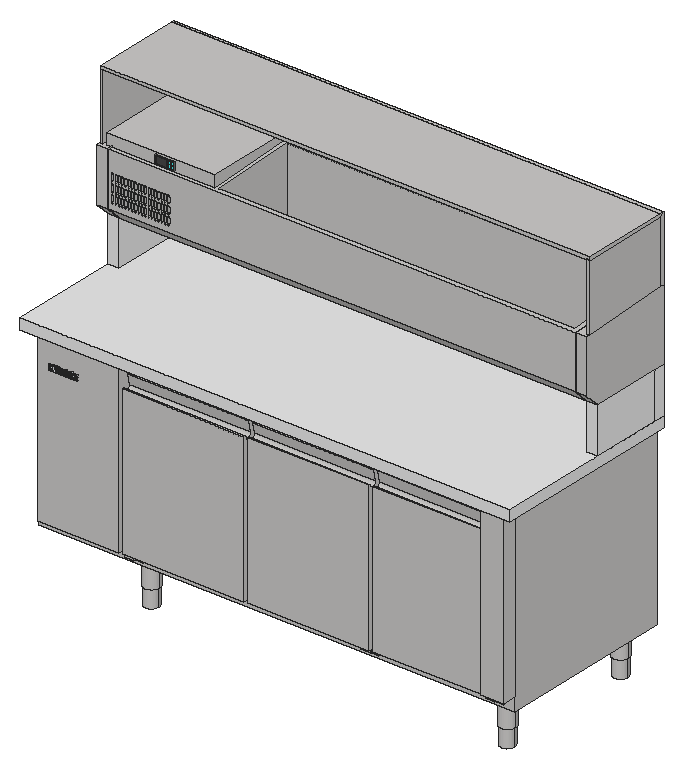
Revit family "QF_ELECTROLUXPROFESSIONAL_725190_RCSH3D", category Attrezzature speciali, Revit 2021
Family settings
  Quota connettore circolare = Usa diametro
  Tipo di parte = Normale
  Basato su piano di lavoro = No
  Sempre verticale = Sì
  Taglio con vuoti quando caricato = No
  Condiviso = No
  Punto di calcolo locali = No
Parameters (values of type "Standard")
  Weight = 290.00 kg
  Watts = 420 W
  Volts = 220 V
  URL Manufacturer = "https://www.electroluxprofessional.com/"
  URL = "https://www.electroluxprofessional.com/"
  Steam Supply Size = 0 mm
  Steam Supply Minimum Pressure = 0.0 Pa
  Steam Supply Maximum Pressure = 0.0 Pa
  Steam Consumption per Hour = 0
  Refrigeration Suction Line Size = 0 mm
  Refrigeration Liquid Line Size = 0 mm
  Refrigerant Compressor Remote = yes
  Prospetto di default = 0 mm
  Produttore = "Electrolux Professional"
  Phase = 1
  Modello = "RCSH3D"
  Length Actual = 1780 mm  # constant formula
  Item Number = "725190"
  Hot Water Size = 0 mm
  Height Actual = 1502 mm  # constant formula
  HP = "0.6 HP"
  Gas Size = 0 mm
  Gas KW = 0
  Gas Input Pressure = 0 W
  Direct Waste Size = 0 mm
  Descrizione = "REFRIGERATED COUNTER+SHOW CASE 3 DOORS"
  Depth Actual = 700 mm  # constant formula
  Cycle = 50 Hz
  Condensate Return Size = 0 mm
  Compressed Air Volume = 0.0 L/s
  Compressed Air Size = 0 mm
  Compressed Air Pressure = 0.0 Pa
  Cold Water Size = 0 mm
  Accessory = yes
Reference planes
  plane 1: z = 0
  plane 2 "Center (Left/Right)": x = -86
  plane 3 "Center (Front/Back)": y = 64.5
  plane 4 "BACK": y = 414.5
  plane 5 "FRONT": y = -285.5
  plane 6 "LEFT": x = -976
  plane 7 "RIGHT": x = 804
  plane 8 "FEET": z = 150
  plane 9 "TOP": z = 840
  plane 10 "PLAIN": z = 800
  plane 11 "EI_back": y = 124.5
  plane 12 "EI_left": x = -892
  plane 13 "BorderBack": y = 412
  plane 14 "BorderFront": y = -283
  plane 15 "DOOR": y = -230.5
  plane 16 "BorderLeft": x = -953
  plane 17 "BorderRight": x = 781
  plane 18: x = -913
  plane 19: x = 696
  plane 20: z = 1005
  plane 21: z = 1502
  plane 22: y = 79.5
  plane 23: z = 1266
  plane 24: z = 1216
  plane 25: x = -580
  plane 26: x = 715
  plane 27: y = 331
  plane 28: y = -183
  plane 29 "DrainY": y = -26
  plane 30 "EIz": z = 1020.844
  plane 31 "DrainX": x = 67
Forms (mm)
  Extrusion 1, solid, material "QF_Finishes_Stainless Steel"
    sketch origin (-1022.223, -1524, 150) x (-1, 0, 0) y (0, -1, 0)
      loop
        circle (-130.223, -1648.5) r 5
    from 870 to 865.223
  Extrusion 2, solid, material "QF_Finishes_Stainless Steel"
    sketch origin (-1022.223, -1524, 150) x (-1, 0, 0) y (0, -1, 0)
      loop
        line (-1718.223, -1293.5) -> (-1718.223, -1241) -> (-1803.223, -1241) -> (-1803.223, -1293.5) -> (-1718.223, -1293.5)
    from 48 to 650
  Extrusion 3, solid, material "QF_Finishes_Stainless Steel"
    sketch origin (-1022.223, -1524, 150) x (-1, 0, 0) y (0, -1, 0)
      loop
        line (-69.223, -1936) -> (-69.223, -1293.5) -> (-1803.223, -1293.5) -> (-1803.223, -1936) -> (-69.223, -1936)
    from 0 to 650
  Extrusion 4, solid, material "QF_Finished_Stone"
    sketch origin (-86, 0, 0) x (0, 1, 0) y (0, 0, 1)
      loop
        line (414.5, 800) -> (414.5, 840) -> (-285.5, 840) -> (-285.5, 800) -> (414.5, 800)
    from -890 to 890
  Extrusion 5, solid, material "QF_Finished_Stone"
    sketch origin (-86, 0, 0) x (0, 1, 0) y (0, 0, 1)
      loop
        line (414.5, 1005) -> (374.5, 1005) -> (374.5, 840) -> (414.5, 840) -> (414.5, 1005)
    from -890 to 890
  Extrusion 6, solid, material "QF_Finished_Stone"
    sketch origin (-976, 0, 0) x (0, 1, 0) y (0, 0, 1)
      loop
        line (374.5, 840) -> (374.5, 1005) -> (114.5, 1005) -> (114.5, 840) -> (374.5, 840)
    from 0 to 40
  Extrusion 7, solid, material "QF_Finished_Stone"
    sketch origin (804, 0, 0) x (0, 1, 0) y (0, 0, 1)
      loop
        line (374.5, 840) -> (374.5, 1005) -> (114.5, 1005) -> (114.5, 840) -> (374.5, 840)
    from 0 to -40
  Extrusion 8, solid, material "QF_Finishes_Stainless Steel"
    sketch origin (-976, 0, 0) x (0, 1, 0) y (0, 0, 1)
      loop
        line (414.5, 1005) -> (414.5, 1267.476) -> (64.5, 1249.81) -> (64.5, 1055) -> (114.5, 1005) -> (414.5, 1005)
    from 0 to 40
  Extrusion 9, solid, material "QF_Finishes_Stainless Steel"
    sketch origin (804, 0, 0) x (0, 1, 0) y (0, 0, 1)
      loop
        line (414.5, 1005) -> (414.5, 1267.476) -> (64.5, 1249.81) -> (64.5, 1055) -> (114.5, 1005) -> (414.5, 1005)
    from 0 to -40
  Extrusion 10, solid, material "QF_Finishes_Stainless Steel"
    sketch origin (-86, 0, 0) x (0, 1, 0) y (0, 0, 1)
      loop
        line (414.5, 1266.476) -> (414.5, 1502) -> (404.5, 1502) -> (404.5, 1266) -> (414.5, 1266.476)
    from 890 to -890
  Extrusion 11, solid, material "QF_Finishes_Stainless Steel"
    sketch origin (-86, 0, 0) x (0, 1, 0) y (0, 0, 1)
      loop
        line (414.5, 1502) -> (79.5, 1502) -> (79.5, 1492) -> (414.5, 1492) -> (414.5, 1502)
    from 890 to -890
  Extrusion 12, solid, material "QF_Finishes_Stainless Steel"
    sketch origin (-976, 0, 0) x (0, 1, 0) y (0, 0, 1)
      loop
        line (404.5, 1492) -> (79.5, 1492) -> (79.5, 1250.524) -> (404.5, 1266) -> (404.5, 1492)
    from 0 to 10
  Extrusion 13, solid, material "QF_Finishes_Stainless Steel"
    sketch origin (804, 0, 0) x (0, 1, 0) y (0, 0, 1)
      loop
        line (404.5, 1492) -> (79.5, 1492) -> (79.5, 1250.524) -> (404.5, 1266) -> (404.5, 1492)
    from 0 to -10
  Extrusion 14, solid, material "QF_Finishes_Stainless Steel"
    sketch origin (-976, 0, 0) x (0, 1, 0) y (0, 0, 1)
      loop
        line (414.5, 1005) -> (414.5, 1266.476) -> (64.5, 1249.81) -> (64.5, 1055) -> (114.5, 1005) -> (414.5, 1005)
    from 1740 to 40
  Extrusion 15, void
    sketch origin (-86, 0, 0) x (0, 1, 0) y (0, 0, 1)
      loop
        line (79.5, 1061.213) -> (120.713, 1020) -> (389.5, 1020) -> (389.5, 1265.286) -> (79.5, 1250.524) -> (79.5, 1061.213)
    from -460 to 835
  Extrusion 16, solid, material "QF_Finishes_Stainless Steel"
    sketch origin (-86, 0, 24.524) x (0, 1, 0) y (0, 0, 1)
      loop
        line (404.5, 1266) -> (79.5, 1266) -> (79.5, 1226) -> (404.5, 1241.476) -> (404.5, 1266)
    from -867 to -474.474
  Extrusion 17, void
    sketch origin (0, 64.5, 0) x (-1, 0, 0) y (0, 0, 1)
      loop
        arc (909.824, 1174.456) -> (905.824, 1178.456) -> (901.824, 1174.456) r 4
        line (901.824, 1174.456) -> (901.824, 1152.456)
        arc (901.824, 1152.456) -> (905.824, 1148.456) -> (909.824, 1152.456) r 4
        line (909.824, 1152.456) -> (909.824, 1174.456)
      loop
        arc (909.824, 1104.456) -> (905.824, 1108.456) -> (901.824, 1104.456) r 4
        line (901.824, 1104.456) -> (901.824, 1082.456)
        arc (901.824, 1082.456) -> (905.824, 1078.456) -> (909.824, 1082.456) r 4
        line (909.824, 1082.456) -> (909.824, 1104.456)
      loop
        arc (909.824, 1139.456) -> (905.824, 1143.456) -> (901.824, 1139.456) r 4
        line (901.824, 1139.456) -> (901.824, 1117.456)
        arc (901.824, 1117.456) -> (905.824, 1113.456) -> (909.824, 1117.456) r 4
        line (909.824, 1117.456) -> (909.824, 1139.456)
      loop
        arc (921.824, 1174.456) -> (917.824, 1178.456) -> (913.824, 1174.456) r 4
        line (913.824, 1174.456) -> (913.824, 1152.456)
        arc (913.824, 1152.456) -> (917.824, 1148.456) -> (921.824, 1152.456) r 4
        line (921.824, 1152.456) -> (921.824, 1174.456)
      loop
        arc (921.824, 1104.456) -> (917.824, 1108.456) -> (913.824, 1104.456) r 4
        line (913.824, 1104.456) -> (913.824, 1082.456)
        arc (913.824, 1082.456) -> (917.824, 1078.456) -> (921.824, 1082.456) r 4
        line (921.824, 1082.456) -> (921.824, 1104.456)
      loop
        arc (921.824, 1139.456) -> (917.824, 1143.456) -> (913.824, 1139.456) r 4
        line (913.824, 1139.456) -> (913.824, 1117.456)
        arc (913.824, 1117.456) -> (917.824, 1113.456) -> (921.824, 1117.456) r 4
        line (921.824, 1117.456) -> (921.824, 1139.456)
      loop
        arc (897.824, 1174.456) -> (893.824, 1178.456) -> (889.824, 1174.456) r 4
        line (889.824, 1174.456) -> (889.824, 1152.456)
        arc (889.824, 1152.456) -> (893.824, 1148.456) -> (897.824, 1152.456) r 4
        line (897.824, 1152.456) -> (897.824, 1174.456)
      loop
        arc (897.824, 1104.456) -> (893.824, 1108.456) -> (889.824, 1104.456) r 4
        line (889.824, 1104.456) -> (889.824, 1082.456)
        arc (889.824, 1082.456) -> (893.824, 1078.456) -> (897.824, 1082.456) r 4
        line (897.824, 1082.456) -> (897.824, 1104.456)
      loop
        arc (897.824, 1139.456) -> (893.824, 1143.456) -> (889.824, 1139.456) r 4
        line (889.824, 1139.456) -> (889.824, 1117.456)
        arc (889.824, 1117.456) -> (893.824, 1113.456) -> (897.824, 1117.456) r 4
        line (897.824, 1117.456) -> (897.824, 1139.456)
      loop
        arc (873.824, 1174.456) -> (869.824, 1178.456) -> (865.824, 1174.456) r 4
        line (865.824, 1174.456) -> (865.824, 1152.456)
        arc (865.824, 1152.456) -> (869.824, 1148.456) -> (873.824, 1152.456) r 4
        line (873.824, 1152.456) -> (873.824, 1174.456)
      loop
        arc (873.824, 1104.456) -> (869.824, 1108.456) -> (865.824, 1104.456) r 4
        line (865.824, 1104.456) -> (865.824, 1082.456)
        arc (865.824, 1082.456) -> (869.824, 1078.456) -> (873.824, 1082.456) r 4
        line (873.824, 1082.456) -> (873.824, 1104.456)
      loop
        arc (873.824, 1139.456) -> (869.824, 1143.456) -> (865.824, 1139.456) r 4
        line (865.824, 1139.456) -> (865.824, 1117.456)
        arc (865.824, 1117.456) -> (869.824, 1113.456) -> (873.824, 1117.456) r 4
        line (873.824, 1117.456) -> (873.824, 1139.456)
      loop
        arc (885.824, 1174.456) -> (881.824, 1178.456) -> (877.824, 1174.456) r 4
        line (877.824, 1174.456) -> (877.824, 1152.456)
        arc (877.824, 1152.456) -> (881.824, 1148.456) -> (885.824, 1152.456) r 4
        line (885.824, 1152.456) -> (885.824, 1174.456)
      loop
        arc (885.824, 1104.456) -> (881.824, 1108.456) -> (877.824, 1104.456) r 4
        line (877.824, 1104.456) -> (877.824, 1082.456)
        arc (877.824, 1082.456) -> (881.824, 1078.456) -> (885.824, 1082.456) r 4
        line (885.824, 1082.456) -> (885.824, 1104.456)
      loop
        arc (885.824, 1139.456) -> (881.824, 1143.456) -> (877.824, 1139.456) r 4
        line (877.824, 1139.456) -> (877.824, 1117.456)
        arc (877.824, 1117.456) -> (881.824, 1113.456) -> (885.824, 1117.456) r 4
        line (885.824, 1117.456) -> (885.824, 1139.456)
      loop
        arc (861.824, 1174.456) -> (857.824, 1178.456) -> (853.824, 1174.456) r 4
        line (853.824, 1174.456) -> (853.824, 1152.456)
        arc (853.824, 1152.456) -> (857.824, 1148.456) -> (861.824, 1152.456) r 4
        line (861.824, 1152.456) -> (861.824, 1174.456)
      loop
        arc (861.824, 1104.456) -> (857.824, 1108.456) -> (853.824, 1104.456) r 4
        line (853.824, 1104.456) -> (853.824, 1082.456)
        arc (853.824, 1082.456) -> (857.824, 1078.456) -> (861.824, 1082.456) r 4
        line (861.824, 1082.456) -> (861.824, 1104.456)
      loop
        arc (861.824, 1139.456) -> (857.824, 1143.456) -> (853.824, 1139.456) r 4
        line (853.824, 1139.456) -> (853.824, 1117.456)
        arc (853.824, 1117.456) -> (857.824, 1113.456) -> (861.824, 1117.456) r 4
        line (861.824, 1117.456) -> (861.824, 1139.456)
      loop
        arc (837.824, 1174.456) -> (833.824, 1178.456) -> (829.824, 1174.456) r 4
        line (829.824, 1174.456) -> (829.824, 1152.456)
        arc (829.824, 1152.456) -> (833.824, 1148.456) -> (837.824, 1152.456) r 4
        line (837.824, 1152.456) -> (837.824, 1174.456)
      loop
        arc (837.824, 1104.456) -> (833.824, 1108.456) -> (829.824, 1104.456) r 4
        line (829.824, 1104.456) -> (829.824, 1082.456)
        arc (829.824, 1082.456) -> (833.824, 1078.456) -> (837.824, 1082.456) r 4
        line (837.824, 1082.456) -> (837.824, 1104.456)
      loop
        arc (837.824, 1139.456) -> (833.824, 1143.456) -> (829.824, 1139.456) r 4
        line (829.824, 1139.456) -> (829.824, 1117.456)
        arc (829.824, 1117.456) -> (833.824, 1113.456) -> (837.824, 1117.456) r 4
        line (837.824, 1117.456) -> (837.824, 1139.456)
      loop
        arc (849.824, 1174.456) -> (845.824, 1178.456) -> (841.824, 1174.456) r 4
        line (841.824, 1174.456) -> (841.824, 1152.456)
        arc (841.824, 1152.456) -> (845.824, 1148.456) -> (849.824, 1152.456) r 4
        line (849.824, 1152.456) -> (849.824, 1174.456)
      loop
        arc (849.824, 1104.456) -> (845.824, 1108.456) -> (841.824, 1104.456) r 4
        line (841.824, 1104.456) -> (841.824, 1082.456)
        arc (841.824, 1082.456) -> (845.824, 1078.456) -> (849.824, 1082.456) r 4
        line (849.824, 1082.456) -> (849.824, 1104.456)
      loop
        arc (849.824, 1139.456) -> (845.824, 1143.456) -> (841.824, 1139.456) r 4
        line (841.824, 1139.456) -> (841.824, 1117.456)
        arc (841.824, 1117.456) -> (845.824, 1113.456) -> (849.824, 1117.456) r 4
        line (849.824, 1117.456) -> (849.824, 1139.456)
      loop
        arc (825.824, 1174.456) -> (821.824, 1178.456) -> (817.824, 1174.456) r 4
        line (817.824, 1174.456) -> (817.824, 1152.456)
        arc (817.824, 1152.456) -> (821.824, 1148.456) -> (825.824, 1152.456) r 4
        line (825.824, 1152.456) -> (825.824, 1174.456)
      loop
        arc (825.824, 1104.456) -> (821.824, 1108.456) -> (817.824, 1104.456) r 4
        line (817.824, 1104.456) -> (817.824, 1082.456)
        arc (817.824, 1082.456) -> (821.824, 1078.456) -> (825.824, 1082.456) r 4
        line (825.824, 1082.456) -> (825.824, 1104.456)
      loop
        arc (825.824, 1139.456) -> (821.824, 1143.456) -> (817.824, 1139.456) r 4
        line (817.824, 1139.456) -> (817.824, 1117.456)
        arc (817.824, 1117.456) -> (821.824, 1113.456) -> (825.824, 1117.456) r 4
        line (825.824, 1117.456) -> (825.824, 1139.456)
      loop
        arc (801.824, 1174.456) -> (797.824, 1178.456) -> (793.824, 1174.456) r 4
        line (793.824, 1174.456) -> (793.824, 1152.456)
        arc (793.824, 1152.456) -> (797.824, 1148.456) -> (801.824, 1152.456) r 4
        line (801.824, 1152.456) -> (801.824, 1174.456)
      loop
        arc (801.824, 1104.456) -> (797.824, 1108.456) -> (793.824, 1104.456) r 4
        line (793.824, 1104.456) -> (793.824, 1082.456)
        arc (793.824, 1082.456) -> (797.824, 1078.456) -> (801.824, 1082.456) r 4
        line (801.824, 1082.456) -> (801.824, 1104.456)
      loop
        arc (801.824, 1139.456) -> (797.824, 1143.456) -> (793.824, 1139.456) r 4
        line (793.824, 1139.456) -> (793.824, 1117.456)
        arc (793.824, 1117.456) -> (797.824, 1113.456) -> (801.824, 1117.456) r 4
        line (801.824, 1117.456) -> (801.824, 1139.456)
      loop
        arc (813.824, 1174.456) -> (809.824, 1178.456) -> (805.824, 1174.456) r 4
        line (805.824, 1174.456) -> (805.824, 1152.456)
        arc (805.824, 1152.456) -> (809.824, 1148.456) -> (813.824, 1152.456) r 4
        line (813.824, 1152.456) -> (813.824, 1174.456)
      loop
        arc (813.824, 1104.456) -> (809.824, 1108.456) -> (805.824, 1104.456) r 4
        line (805.824, 1104.456) -> (805.824, 1082.456)
        arc (805.824, 1082.456) -> (809.824, 1078.456) -> (813.824, 1082.456) r 4
        line (813.824, 1082.456) -> (813.824, 1104.456)
      loop
        arc (813.824, 1139.456) -> (809.824, 1143.456) -> (805.824, 1139.456) r 4
        line (805.824, 1139.456) -> (805.824, 1117.456)
        arc (805.824, 1117.456) -> (809.824, 1113.456) -> (813.824, 1117.456) r 4
        line (813.824, 1117.456) -> (813.824, 1139.456)
      loop
        arc (789.824, 1174.456) -> (785.824, 1178.456) -> (781.824, 1174.456) r 4
        line (781.824, 1174.456) -> (781.824, 1152.456)
        arc (781.824, 1152.456) -> (785.824, 1148.456) -> (789.824, 1152.456) r 4
        line (789.824, 1152.456) -> (789.824, 1174.456)
      loop
        arc (789.824, 1104.456) -> (785.824, 1108.456) -> (781.824, 1104.456) r 4
        line (781.824, 1104.456) -> (781.824, 1082.456)
        arc (781.824, 1082.456) -> (785.824, 1078.456) -> (789.824, 1082.456) r 4
        line (789.824, 1082.456) -> (789.824, 1104.456)
      loop
        arc (789.824, 1139.456) -> (785.824, 1143.456) -> (781.824, 1139.456) r 4
        line (781.824, 1139.456) -> (781.824, 1117.456)
        arc (781.824, 1117.456) -> (785.824, 1113.456) -> (789.824, 1117.456) r 4
        line (789.824, 1117.456) -> (789.824, 1139.456)
      loop
        arc (765.824, 1174.456) -> (761.824, 1178.456) -> (757.824, 1174.456) r 4
        line (757.824, 1174.456) -> (757.824, 1152.456)
        arc (757.824, 1152.456) -> (761.824, 1148.456) -> (765.824, 1152.456) r 4
        line (765.824, 1152.456) -> (765.824, 1174.456)
      loop
        arc (765.824, 1104.456) -> (761.824, 1108.456) -> (757.824, 1104.456) r 4
        line (757.824, 1104.456) -> (757.824, 1082.456)
        arc (757.824, 1082.456) -> (761.824, 1078.456) -> (765.824, 1082.456) r 4
        line (765.824, 1082.456) -> (765.824, 1104.456)
      loop
        arc (765.824, 1139.456) -> (761.824, 1143.456) -> (757.824, 1139.456) r 4
        line (757.824, 1139.456) -> (757.824, 1117.456)
        arc (757.824, 1117.456) -> (761.824, 1113.456) -> (765.824, 1117.456) r 4
        line (765.824, 1117.456) -> (765.824, 1139.456)
      loop
        arc (777.824, 1174.456) -> (773.824, 1178.456) -> (769.824, 1174.456) r 4
        line (769.824, 1174.456) -> (769.824, 1152.456)
        arc (769.824, 1152.456) -> (773.824, 1148.456) -> (777.824, 1152.456) r 4
        line (777.824, 1152.456) -> (777.824, 1174.456)
      loop
        arc (777.824, 1104.456) -> (773.824, 1108.456) -> (769.824, 1104.456) r 4
        line (769.824, 1104.456) -> (769.824, 1082.456)
        arc (769.824, 1082.456) -> (773.824, 1078.456) -> (777.824, 1082.456) r 4
        line (777.824, 1082.456) -> (777.824, 1104.456)
      loop
        arc (777.824, 1139.456) -> (773.824, 1143.456) -> (769.824, 1139.456) r 4
        line (769.824, 1139.456) -> (769.824, 1117.456)
        arc (769.824, 1117.456) -> (773.824, 1113.456) -> (777.824, 1117.456) r 4
        line (777.824, 1117.456) -> (777.824, 1139.456)
      loop
        arc (753.824, 1174.456) -> (749.824, 1178.456) -> (745.824, 1174.456) r 4
        line (745.824, 1174.456) -> (745.824, 1152.456)
        arc (745.824, 1152.456) -> (749.824, 1148.456) -> (753.824, 1152.456) r 4
        line (753.824, 1152.456) -> (753.824, 1174.456)
      loop
        arc (753.824, 1104.456) -> (749.824, 1108.456) -> (745.824, 1104.456) r 4
        line (745.824, 1104.456) -> (745.824, 1082.456)
        arc (745.824, 1082.456) -> (749.824, 1078.456) -> (753.824, 1082.456) r 4
        line (753.824, 1082.456) -> (753.824, 1104.456)
      loop
        arc (753.824, 1139.456) -> (749.824, 1143.456) -> (745.824, 1139.456) r 4
        line (745.824, 1139.456) -> (745.824, 1117.456)
        arc (745.824, 1117.456) -> (749.824, 1113.456) -> (753.824, 1117.456) r 4
        line (753.824, 1117.456) -> (753.824, 1139.456)
      loop
        arc (729.824, 1174.456) -> (725.824, 1178.456) -> (721.824, 1174.456) r 4
        line (721.824, 1174.456) -> (721.824, 1152.456)
        arc (721.824, 1152.456) -> (725.824, 1148.456) -> (729.824, 1152.456) r 4
        line (729.824, 1152.456) -> (729.824, 1174.456)
      loop
        arc (729.824, 1104.456) -> (725.824, 1108.456) -> (721.824, 1104.456) r 4
        line (721.824, 1104.456) -> (721.824, 1082.456)
        arc (721.824, 1082.456) -> (725.824, 1078.456) -> (729.824, 1082.456) r 4
        line (729.824, 1082.456) -> (729.824, 1104.456)
      loop
        arc (729.824, 1139.456) -> (725.824, 1143.456) -> (721.824, 1139.456) r 4
        line (721.824, 1139.456) -> (721.824, 1117.456)
        arc (721.824, 1117.456) -> (725.824, 1113.456) -> (729.824, 1117.456) r 4
        line (729.824, 1117.456) -> (729.824, 1139.456)
      loop
        arc (741.824, 1174.456) -> (737.824, 1178.456) -> (733.824, 1174.456) r 4
        line (733.824, 1174.456) -> (733.824, 1152.456)
        arc (733.824, 1152.456) -> (737.824, 1148.456) -> (741.824, 1152.456) r 4
        line (741.824, 1152.456) -> (741.824, 1174.456)
      loop
        arc (741.824, 1104.456) -> (737.824, 1108.456) -> (733.824, 1104.456) r 4
        line (733.824, 1104.456) -> (733.824, 1082.456)
        arc (733.824, 1082.456) -> (737.824, 1078.456) -> (741.824, 1082.456) r 4
        line (741.824, 1082.456) -> (741.824, 1104.456)
      loop
        arc (741.824, 1139.456) -> (737.824, 1143.456) -> (733.824, 1139.456) r 4
        line (733.824, 1139.456) -> (733.824, 1117.456)
        arc (733.824, 1117.456) -> (737.824, 1113.456) -> (741.824, 1117.456) r 4
        line (741.824, 1117.456) -> (741.824, 1139.456)
      loop
        arc (717.824, 1174.456) -> (713.824, 1178.456) -> (709.824, 1174.456) r 4
        line (709.824, 1174.456) -> (709.824, 1152.456)
        arc (709.824, 1152.456) -> (713.824, 1148.456) -> (717.824, 1152.456) r 4
        line (717.824, 1152.456) -> (717.824, 1174.456)
      loop
        arc (717.824, 1104.456) -> (713.824, 1108.456) -> (709.824, 1104.456) r 4
        line (709.824, 1104.456) -> (709.824, 1082.456)
        arc (709.824, 1082.456) -> (713.824, 1078.456) -> (717.824, 1082.456) r 4
        line (717.824, 1082.456) -> (717.824, 1104.456)
      loop
        arc (717.824, 1139.456) -> (713.824, 1143.456) -> (709.824, 1139.456) r 4
        line (709.824, 1139.456) -> (709.824, 1117.456)
        arc (709.824, 1117.456) -> (713.824, 1113.456) -> (717.824, 1117.456) r 4
        line (717.824, 1117.456) -> (717.824, 1139.456)
    from 0 to 15
  Extrusion 18, solid, material "QF_Finishes_Stainless Steel"
    sketch origin (-869.223, -1524, 150) x (-1, 0, 0) y (0, -1, 0)
      loop
        circle (-936.223, -1498) r 10
    from 0 to -10
Cuts and joins
  Extrusion 15, Extrusion 17 cuts Extrusion 14
Lines and regions (mm)
  model lines, style "QF_Door-Drawer Clearances"
    curve 1: line (-86, 414.5, 1492) -> (-86, 414.5, 1502)
  symbolic lines, style "SpecialityEquipment"
    curve 2: line (-976, 414.5, 150) -> (804, 414.5, 150)
    curve 3: line (-976, -285.5, 150) -> (-976, 414.5, 150)
    curve 4: line (804, -285.5, 150) -> (-976, -285.5, 150)
    curve 5: line (804, 414.5, 150) -> (804, -285.5, 150)
  symbolic lines
    curve 6: line (-976, 64.5, 150) -> (804, 64.5, 150)
  symbolic lines, style "SpecialityEquipmentHiddenLines"
    curve 7: line (-976, -230.5, 150) -> (804, -230.5, 150)
Dimensions and locks
  equal spacing: plane 6 "LEFT", plane 2 "Center (Left/Right)", plane 7 "RIGHT"
  plane 4 "BACK" to plane 5 "FRONT" = 700 mm
  plane 8 "FEET" to level = 150 mm
  plane 4 "BACK" to plane 13 "BorderBack" = 2.5 mm
  plane 14 "BorderFront" to plane 5 "FRONT" = 2.5 mm
  plane 15 "DOOR" to plane 14 "BorderFront" = 52.5 mm
  plane 6 "LEFT" to plane 16 "BorderLeft" = 23 mm
  plane 17 "BorderRight" to plane 7 "RIGHT" = 23 mm
  plane 10 "PLAIN" to plane 8 "FEET" = 650 mm
  plane 9 "TOP" to plane 10 "PLAIN" = 40 mm
  plane 16 "BorderLeft" to plane 18 = 40 mm
  plane 19 to plane 17 "BorderRight" = 85 mm
  plane 6 "LEFT" to plane 7 "RIGHT" = 1780 mm
  equal spacing: plane 4 "BACK", plane 3 "Center (Front/Back)", plane 5 "FRONT"
  plane 6 "LEFT" to plane 12 "EI_left" = 84 mm
  plane 20 to plane 9 "TOP" = 165 mm
  plane 21 to plane 20 = 497 mm
  plane 23 to plane 20 = 261 mm
  plane 23 to plane 24 = 50 mm
  plane 25 to plane 16 "BorderLeft" = 373 mm
  plane 26 to plane 25 = 1295 mm
  plane 17 "BorderRight" to plane 26 = 66 mm
  plane 13 "BorderBack" to plane 27 = 81 mm
  plane 27 to plane 28 = 514 mm
  plane 28 to plane 14 "BorderFront" = 100 mm
  plane 13 "BorderBack" to plane 14 "BorderFront" = 695 mm
  Extrusion 3 to plane 29 "DrainY" = 438 mm
  plane 4 "BACK" to plane 11 "EI_back" = 290 mm
  plane 17 "BorderRight" to plane 16 "BorderLeft" = 1734 mm
  plane 17 "BorderRight" to plane 31 "DrainX" = 714 mm
  plane 4 "BACK" to plane 22 = 335 mm
  Extrusion 8 to plane 3 "Center (Front/Back)" = 350 mm
  plane 20 to level = 1005 mm
  plane 21 to level = 1502 mm
  aligned and locked: level to plane 1
  aligned and locked: Extrusion 4 to plane 6 "LEFT"
  aligned and locked: plane 7 "RIGHT" to Extrusion 4
  aligned and locked: plane 25 to nested 4
  aligned and locked: nested 2 to nested 4
  aligned and locked: plane 26 to nested 5
  aligned and locked: nested 3 to nested 5
Automatic sketch dimensions
  curve 1 to plane 4 "BACK" = 0 mm
  curve 1 to plane 21 = 0 mm
  curve 1 to plane 21 = 10 mm
  Extrusion 1 sketch curve to plane 11 "EI_back" = 0 mm
  Extrusion 1 sketch curve to plane 12 "EI_left" = 0 mm
  Extrusion 2 sketch curve to plane 15 "DOOR" = 0 mm
  Extrusion 2 sketch curve to plane 17 "BorderRight" = 0 mm
  Extrusion 2 sketch curve to plane 14 "BorderFront" = 0 mm
  Extrusion 2 sketch curve to plane 19 = 0 mm
  Extrusion 3 sketch curve to plane 13 "BorderBack" = 0 mm
  Extrusion 3 sketch curve to plane 17 "BorderRight" = 0 mm
  Extrusion 3 sketch curve to plane 15 "DOOR" = 0 mm
  Extrusion 3 sketch curve to plane 16 "BorderLeft" = 0 mm
  Extrusion 4 sketch curve to plane 5 "FRONT" = 0 mm
  Extrusion 4 sketch curve to plane 4 "BACK" = 0 mm
  Extrusion 4 sketch curve to plane 10 "PLAIN" = 0 mm
  Extrusion 4 sketch curve to plane 9 "TOP" = 0 mm
  Extrusion 5 sketch curve to plane 20 = 0 mm
  Extrusion 5 sketch curve to plane 9 "TOP" = 0 mm
  Extrusion 5 sketch curve to plane 4 "BACK" = 0 mm
  Extrusion 5 sketch curve to plane 13 "BorderBack" = 37.5 mm
  Extrusion 6 sketch curve to plane 9 "TOP" = 0 mm
  Extrusion 6 sketch curve to plane 20 = 0 mm
  Extrusion 6 sketch curve to plane 11 "EI_back" = 10 mm
  Extrusion 6 sketch curve to plane 13 "BorderBack" = 37.5 mm
  Extrusion 7 sketch curve to plane 9 "TOP" = 0 mm
  Extrusion 7 sketch curve to plane 20 = 0 mm
  Extrusion 7 sketch curve to plane 11 "EI_back" = 10 mm
  Extrusion 7 sketch curve to plane 13 "BorderBack" = 37.5 mm
  Extrusion 8 sketch curve to plane 20 = 0 mm
  Extrusion 8 sketch curve to plane 11 "EI_back" = 10 mm
  plane 20 to Extrusion 8 sketch curve = 50 mm
  Extrusion 8 sketch curve to Extrusion 8 sketch curve = 194.81 mm
  Extrusion 8 sketch curve to plane 21 = 234.524 mm
  Extrusion 9 sketch curve to plane 20 = 0 mm
  Extrusion 9 sketch curve to plane 4 "BACK" = 0 mm
  Extrusion 9 sketch curve to plane 11 "EI_back" = 10 mm
  plane 20 to Extrusion 9 sketch curve = 50 mm
  Extrusion 9 sketch curve to Extrusion 9 sketch curve = 194.81 mm
  Extrusion 9 sketch curve to plane 21 = 234.524 mm
  Extrusion 10 sketch curve to plane 21 = 0 mm
  Extrusion 11 sketch curve to plane 21 = 0 mm
  Extrusion 11 sketch curve to plane 22 = 0 mm
  Extrusion 11 sketch curve to plane 4 "BACK" = 0 mm
  Extrusion 11 sketch curve to plane 21 = 10 mm
  Extrusion 12 sketch curve to plane 22 = 0 mm
  Extrusion 12 sketch curve to plane 21 = 10 mm
  Extrusion 13 sketch curve to plane 22 = 0 mm
  Extrusion 13 sketch curve to plane 21 = 10 mm
  Extrusion 14 sketch curve to plane 20 = 0 mm
  Extrusion 14 sketch curve to plane 4 "BACK" = 0 mm
  Extrusion 14 sketch curve to plane 11 "EI_back" = 10 mm
  plane 20 to Extrusion 14 sketch curve = 50 mm
  Extrusion 14 sketch curve to Extrusion 14 sketch curve = 194.81 mm
  Extrusion 16 sketch curve to plane 22 = 0 mm
  Extrusion 16 sketch curve to plane 23 = 0 mm
  Extrusion 16 sketch curve to plane 13 "BorderBack" = 7.5 mm
  Extrusion 16 sketch curve to plane 23 = 15.476 mm
  plane 23 to Extrusion 16 sketch curve = 24.524 mm
  Extrusion 8 sketch curve to plane 3 "Center (Front/Back)" = 0 mm
  Extrusion 8 sketch curve to plane 4 "BACK" = 0 mm
  Extrusion 12 sketch curve to plane 13 "BorderBack" = 7.5 mm
  Extrusion 12 sketch curve to plane 23 = 0 mm
  Extrusion 12 sketch curve to plane 23 = 15.476 mm
  Extrusion 10 sketch curve to plane 13 "BorderBack" = 7.5 mm
  plane 23 to Extrusion 10 sketch curve = 0.476 mm
  Extrusion 10 sketch curve to plane 23 = 0 mm
  Extrusion 10 sketch curve to plane 4 "BACK" = 0 mm
  Extrusion 13 sketch curve to plane 13 "BorderBack" = 7.5 mm
  Extrusion 13 sketch curve to plane 23 = 15.476 mm
  Extrusion 13 sketch curve to plane 23 = 0 mm
  plane 23 to Extrusion 14 sketch curve = 0.476 mm
  Extrusion 14 sketch curve to plane 3 "Center (Front/Back)" = 0 mm
  Extrusion 9 sketch curve to plane 3 "Center (Front/Back)" = 0 mm
  Extrusion 15 sketch curve to plane 11 "EI_back" = 3.787 mm
  Extrusion 15 sketch curve to plane 13 "BorderBack" = 22.5 mm
  plane 20 to Extrusion 15 sketch curve = 15 mm
  plane 20 to Extrusion 15 sketch curve = 56.213 mm
  Extrusion 15 sketch curve to plane 22 = 0 mm
  Extrusion 15 sketch curve to plane 23 = 15.476 mm
  Extrusion 15 sketch curve to plane 23 = 0.714 mm
  Extrusion 17 sketch curve to plane 24 = 41.544 mm  (x3)
  plane 12 "EI_left" to Extrusion 17 sketch curve = 182.176 mm
  Extrusion 17 sketch curve to Extrusion 17 sketch curve = 0 mm  (x82)
  Extrusion 17 sketch curve to Extrusion 17 sketch curve = 4 mm  (x96)
  plane 12 "EI_left" to Extrusion 17 sketch curve = 2.176 mm  (x3)
  Extrusion 17 sketch curve to plane 12 "EI_left" = 1.824 mm  (x3)
  Extrusion 17 sketch curve to plane 18 = 0.824 mm  (x3)
  Extrusion 17 sketch curve to Extrusion 17 sketch curve = 22 mm  (x10)
  Extrusion 17 sketch curve to Extrusion 17 sketch curve = 13 mm  (x15)
  plane 2 "Center (Left/Right)" to Extrusion 18 sketch curve = 153 mm
  plane 29 "DrainY" to Extrusion 18 sketch curve = 0 mm
  curve 5 to plane 4 "BACK" = 0 mm
  curve 7 to plane 7 "RIGHT" = 0 mm
  curve 7 to plane 6 "LEFT" = 0 mm
  curve 6 to plane 3 "Center (Front/Back)" = 0 mm
  curve 7 to plane 15 "DOOR" = 0 mm
  curve 5 to plane 5 "FRONT" = 0 mm
  radius of Extrusion 1 sketch curve = 5 mm
  radius of Extrusion 18 sketch curve = 10 mm
Nested families
  nested 1: "HP_Refrigerator" at (723, -280.5, 0), type "HP_Refrigerator"
  nested 2: "FEET_150PZ" at (-580, 331, 0), type "FEET_150PZ"
  nested 3: "FEET_150PZ" at (715, 331, 0), type "FEET_150PZ"
  nested 4: "FEET_150PZ" at (-580, -183, 0), type "FEET_150PZ"
  nested 5: "FEET_150PZ" at (715, -183, 0), type "FEET_150PZ"
  nested 6: "ELX_REF_PZ" at (-707.08, -230.5, 548) x (1, 0, 0) z (0, -1, 0), type "ELX_REF_PZ"
    with Show Logo yes
  nested 7: "SD_L_PZ" at (-386, -230.5, 458.88) x (1, 0, 0) z (0, -1, 0), type "SD_L_PZ"
    with Show Clearance yes
  nested 8: "SD_R_PZ" at (68, -230.5, 458.88) x (1, 0, 0) z (0, -1, 0), type "SD_R_PZ"
    with Show Clearance yes
  nested 9: "SD_R_PZ" at (522, -230.5, 458.88) x (1, 0, 0) z (0, -1, 0), type "SD_R_PZ"
    with Show Clearance yes
  nested 10: "PZ_DISPLAY" at (-736, 79.5, 1249.81) x (1, 0, 0) z (0, -1, 0), type "PZ_DISPLAY"
    with Show Logo yes
Connectors
  electrical at (-892, 124.5, 1015.223), driven by "Volts"
    settings: on Extrusion 1, index 1, voltage 220 V, apparent load 0 VA, apparent load phase1 0 VA, apparent load phase2 0 VA, apparent load phase3 0 VA, power factor 1, load classification "Other", number of poles 1, system type 31, power factor state 1, is connector primary yes, connector utility no, sub classification motor no, connector description "Electrical Connection"
  piping at (67, -26, 140), diameter 20
    settings: on Extrusion 18, index 2, connector inside diameter 609.6 mm, connector length 0 mm, flow factor 0, pipe flow 0.0 L/s, pressure drop 0.0 Pa, fitting loss kfactor 0, connector angle 0.00°, fixture units 0, engagement length 0 mm, angle of deflection 0.00°, flow configuration 1, flow direction 2, fitting loss method 0, system type 16, joint type 0, gender type 0, connector reference index -1, connector utility 0, adjustable connector no, is connector primary yes, connector description "Drain"
Definition of nested family "FEET_150PZ"
  Parameters
    Default Elevation = 0 mm
    FEET = 150 mm
  Reference planes
    plane 1 "Center (Front/Back)": y = 0
    plane 2: z = 0
    plane 3 "Center (Left/Right)": x = 0
    plane 4: z = 150
  Forms (mm)
    Revolve 1, solid
      sketch origin (255.05, 0, 608.09) x (0, 0, 1) y (-1, 0, 0)
        loop
          line (-608.09, 255.05) -> (-608.09, 230.05) -> (-543.09, 230.05) -> (-543.09, 226.05) -> (-458.09, 226.05) -> (-458.09, 255.05) -> (-608.09, 255.05)
        axis (-608.09, 255.05) -> (-458.09, 255.05)
      angle from 0 to 360
  Dimensions and locks
    "FEET": plane 4 to plane 2
    aligned and locked: level to plane 2
    aligned and locked: plane 4 to Revolve 1 sketch curve
    aligned and locked: Revolve 1 sketch curve to level
    aligned and locked: plane 3 "Center (Left/Right)" to Revolve 1 sketch curve
  Automatic sketch dimensions
    Revolve 1 sketch curve to plane 3 "Center (Left/Right)" = 0 mm
    Revolve 1 sketch curve to Revolve 1 sketch curve = 25 mm
    Revolve 1 sketch curve to Revolve 1 sketch curve = 29 mm
    plane 4 to Revolve 1 sketch curve = 50 mm
    Revolve 1 sketch curve to Revolve 1 sketch curve = 20 mm
    level to Revolve 1 sketch curve = 65 mm
Definition of nested family "ELX_REF_PZ"
  Parameters
    Show Logo [instance] = yes
    Default Elevation = 1219.2 mm
  Reference planes
    plane 1 "Center (Front/Back)": y = -49
    plane 2: z = 0
    plane 3 "Center (Left/Right)": x = -59.92
    plane 4: x = -206.92
    plane 5: x = 87.08
    plane 6: y = 252
    plane 7: y = -350
  Forms (mm)
    Extrusion 1, solid
      sketch origin (0, 0, 0) x (1, 0, 0) y (0, 1, 0)
        loop
          line (-1219.2, 1219.2) -> (-1219.2, -1219.2) -> (1219.2, -1219.2) -> (1219.2, 1219.2) -> (-1219.2, 1219.2)
      from 0 to -304.8
    Extrusion 2, solid
      sketch origin (0, 0, 0) x (1, 0, 0) y (0, 1, 0)
        loop
          line (-206.92, 252) -> (-206.92, -350) -> (87.08, -350) -> (87.08, 252) -> (-206.92, 252)
      from 0 to 50
    Extrusion 3, solid
      sketch origin (0, -139.675, 0) x (1, 0, 0) y (0, 1, 0)
        loop
          line (-151.789, 316.773) -> (-151.789, 296.978)
          arc (-151.789, 296.978) -> (-144.471, 306.876) -> (-151.789, 316.773) r 10.352
        loop
          arc (-152.795, 316.773) -> (-161.028, 314.902) -> (-164.994, 307.45) r 10.145
          line (-164.994, 307.45) -> (-161.719, 307.45)
          arc (-161.719, 307.45) -> (-155.869, 309.824) -> (-152.795, 315.34) r 9.509
          line (-152.795, 315.34) -> (-152.795, 316.773)
        loop
          arc (-152.795, 298.412) -> (-155.869, 303.927) -> (-161.719, 306.302) r 9.509
          line (-161.719, 306.302) -> (-164.994, 306.302)
          arc (-164.994, 306.302) -> (-161.034, 298.788) -> (-152.795, 296.724) r 10.411
          line (-152.795, 296.724) -> (-152.795, 298.412)
        loop
          line (-165.745, 317.853) -> (-165.745, 295.853) -> (-143.715, 295.853) -> (-143.715, 317.853) -> (-165.745, 317.853)
      from 50 to 51.6
    Extrusion 4, solid
      sketch origin (0, -139.675, 0) x (1, 0, 0) y (0, 1, 0)
        loop
          line (-130.886, 317.823) -> (-138.322, 317.823) -> (-138.322, 309.164)
          arc (-138.322, 309.164) -> (-137.343, 306.802) -> (-134.981, 305.823) r 3.341
          line (-134.981, 305.823) -> (-130.742, 305.823) -> (-130.742, 307.765) -> (-134.497, 307.765)
          arc (-134.497, 307.765) -> (-135.731, 308.182) -> (-136.256, 309.374) r 1.615
          line (-136.256, 309.374) -> (-136.256, 311.091) -> (-131.207, 311.091) -> (-131.207, 313.041) -> (-136.256, 313.041) -> (-136.256, 315.879) -> (-130.886, 315.879) -> (-130.886, 317.823)
        loop
          line (-129.274, 317.823) -> (-129.274, 305.823) -> (-127.207, 305.823) -> (-127.207, 317.823) -> (-129.274, 317.823)
        loop
          line (-84.382, 317.823) -> (-84.382, 305.823) -> (-82.314, 305.823) -> (-82.314, 317.823) -> (-84.382, 317.823)
        loop
          line (-123.789, 309.655) -> (-117.006, 309.655)
          arc (-117.006, 309.655) -> (-118.067, 313.381) -> (-121.695, 314.74) r 4.298
          arc (-121.695, 314.74) -> (-124.891, 313.12) -> (-125.803, 309.655) r 4.373
          arc (-125.803, 309.655) -> (-124.603, 306.758) -> (-121.705, 305.558) r 4.097
          arc (-121.705, 305.558) -> (-119.451, 305.89) -> (-117.56, 307.163) r 5.15
          line (-117.56, 307.163) -> (-118.785, 308.388)
          arc (-118.785, 308.388) -> (-120.392, 307.423) -> (-122.259, 307.586) r 3.039
          arc (-122.259, 307.586) -> (-123.398, 308.344) -> (-123.789, 309.655) r 2.013
        loop
          line (-123.737, 311.108) -> (-119.083, 311.108)
          arc (-119.083, 311.108) -> (-119.736, 312.483) -> (-121.171, 312.989) r 1.983
          arc (-121.171, 312.989) -> (-122.827, 312.557) -> (-123.737, 311.108) r 2.321
        loop
          line (-108.949, 311.973) -> (-107.651, 313.271)
          arc (-107.651, 313.271) -> (-109.279, 314.449) -> (-111.257, 314.801) r 4.497
          arc (-111.257, 314.801) -> (-114.273, 313.699) -> (-115.856, 310.905) r 4.652
          arc (-115.856, 310.905) -> (-113.188, 306.006) -> (-107.724, 307.135) r 4.684
          line (-107.724, 307.135) -> (-109.015, 308.426)
          arc (-109.015, 308.426) -> (-111.801, 307.504) -> (-113.797, 309.655) r 2.714
          arc (-113.797, 309.655) -> (-113.658, 311.356) -> (-112.487, 312.597) r 2.578
          arc (-112.487, 312.597) -> (-110.613, 312.883) -> (-108.949, 311.973) r 2.961
        loop
          line (-106.382, 317.823) -> (-106.382, 309.623)
          arc (-106.382, 309.623) -> (-106.203, 308.392) -> (-105.742, 307.237) r 5.301
          arc (-105.742, 307.237) -> (-104.267, 306.064) -> (-102.399, 305.818) r 3.531
          line (-102.399, 305.818) -> (-102.399, 307.754)
          arc (-102.399, 307.754) -> (-102.954, 307.797) -> (-103.472, 308.002) r 1.862
          arc (-103.472, 308.002) -> (-104.137, 308.705) -> (-104.315, 309.655) r 1.713
          line (-104.315, 309.655) -> (-104.315, 312.624) -> (-102.437, 312.624) -> (-102.437, 314.502) -> (-104.315, 314.502) -> (-104.315, 317.823) -> (-106.382, 317.823)
        loop
          arc (-98.648, 310.385) -> (-98.5, 311.25) -> (-98.074, 312.017) r 2.607
          arc (-98.074, 312.017) -> (-96.836, 312.653) -> (-95.444, 312.624) r 2.84
          line (-95.444, 312.624) -> (-95.444, 314.611)
          arc (-95.444, 314.611) -> (-97.262, 314.44) -> (-98.648, 313.251) r 3.016
          line (-98.648, 313.251) -> (-98.648, 314.502) -> (-100.698, 314.502) -> (-100.698, 305.823) -> (-98.648, 305.823) -> (-98.648, 310.385)
        loop
          circle (-90.39, 310.161) r 4.599
        loop
          circle (-90.39, 310.161) r 2.787
        loop
          arc (-74.859, 309.437) -> (-75.369, 308.034) -> (-76.754, 307.475) r 1.835
          arc (-76.754, 307.475) -> (-78.138, 308.034) -> (-78.649, 309.437) r 1.835
          line (-78.649, 309.437) -> (-78.649, 314.502) -> (-80.733, 314.502) -> (-80.733, 309.265)
          arc (-80.733, 309.265) -> (-79.547, 306.561) -> (-76.754, 305.603) r 3.675
          arc (-76.754, 305.603) -> (-73.929, 306.59) -> (-72.775, 309.35) r 3.675
          line (-72.775, 309.35) -> (-72.775, 314.502) -> (-74.859, 314.502) -> (-74.859, 309.437)
        loop
          line (-71.526, 314.502) -> (-68.524, 310.427) -> (-71.822, 305.82) -> (-69.6, 305.82) -> (-67.411, 308.877) -> (-65.19, 305.82) -> (-62.982, 305.82) -> (-66.233, 310.474) -> (-63.26, 314.502) -> (-65.517, 314.502) -> (-67.418, 311.925) -> (-69.29, 314.502) -> (-71.526, 314.502)
        loop
          line (-137.16, 300.848) -> (-138.808, 300.848) -> (-138.808, 296.698) -> (-137.906, 296.698) -> (-137.906, 298.127) -> (-136.909, 298.127)
          arc (-136.909, 298.127) -> (-135.793, 299.602) -> (-137.16, 300.848) r 1.372
        loop
          arc (-136.948, 298.943) -> (-136.607, 299.476) -> (-136.948, 300.01) r 0.587
          line (-136.948, 300.01) -> (-137.906, 300.01) -> (-137.906, 298.943) -> (-136.948, 298.943)
        loop
          line (-130.648, 300.848) -> (-132.324, 300.848) -> (-132.324, 296.698) -> (-131.422, 296.698) -> (-131.422, 298.127) -> (-130.55, 298.127) -> (-129.953, 296.698) -> (-128.984, 296.698) -> (-129.8, 298.448)
          arc (-129.8, 298.448) -> (-129.409, 298.915) -> (-129.278, 299.51) r 1.281
          arc (-129.278, 299.51) -> (-129.69, 300.458) -> (-130.648, 300.848) r 1.37
        loop
          line (-131.422, 300.01) -> (-131.422, 298.943) -> (-130.465, 298.943)
          arc (-130.465, 298.943) -> (-130.123, 299.476) -> (-130.465, 300.01) r 0.587
          line (-130.465, 300.01) -> (-131.422, 300.01)
        loop
          circle (-123.686, 298.773) r 2.156
        loop
          circle (-123.686, 298.773) r 1.368
        loop
          line (-117.987, 300.848) -> (-117.987, 296.698) -> (-117.107, 296.698) -> (-117.107, 298.148) -> (-115.545, 298.148) -> (-115.545, 299.078) -> (-117.107, 299.078) -> (-117.107, 299.954) -> (-115.395, 299.954) -> (-115.395, 300.848) -> (-117.987, 300.848)
        loop
          line (-111.895, 300.848) -> (-111.895, 298.046)
          arc (-111.895, 298.046) -> (-111.513, 297.096) -> (-110.568, 296.701) r 1.327
          line (-110.568, 296.701) -> (-109.229, 296.701) -> (-109.229, 297.485) -> (-110.488, 297.485)
          arc (-110.488, 297.485) -> (-110.952, 297.868) -> (-111.043, 298.463) r 0.845
          line (-111.043, 298.463) -> (-109.384, 298.463) -> (-109.384, 299.247) -> (-111.043, 299.247) -> (-111.043, 300.064) -> (-109.269, 300.064) -> (-109.269, 300.848) -> (-111.895, 300.848)
        loop
          arc (-96.867, 300.323) -> (-97.417, 300.773) -> (-98.113, 300.917) r 1.485
          arc (-98.113, 300.917) -> (-98.756, 300.759) -> (-99.285, 300.361) r 1.645
          arc (-99.285, 300.361) -> (-99.382, 299.418) -> (-98.775, 298.691) r 1.217
          arc (-98.775, 298.691) -> (-98.263, 298.521) -> (-97.778, 298.286) r 4.201
          arc (-97.778, 298.286) -> (-97.472, 297.925) -> (-97.683, 297.502) r 0.43
          arc (-97.683, 297.502) -> (-98.075, 297.409) -> (-98.465, 297.508) r 0.846
          arc (-98.465, 297.508) -> (-98.803, 297.751) -> (-99.009, 298.112) r 0.983
          line (-99.009, 298.112) -> (-99.735, 297.774)
          arc (-99.735, 297.774) -> (-99.474, 297.269) -> (-99.052, 296.889) r 1.595
          arc (-99.052, 296.889) -> (-98.574, 296.684) -> (-98.057, 296.632) r 1.719
          arc (-98.057, 296.632) -> (-97.418, 296.76) -> (-96.842, 297.066) r 2.246
          arc (-96.842, 297.066) -> (-96.587, 297.742) -> (-96.719, 298.453) r 1.349
          arc (-96.719, 298.453) -> (-97.002, 298.78) -> (-97.365, 299.017) r 1.564
          arc (-97.365, 299.017) -> (-97.824, 299.222) -> (-98.295, 299.398) r 8.236
          arc (-98.295, 299.398) -> (-98.566, 299.821) -> (-98.174, 300.134) r 0.375
          arc (-98.174, 300.134) -> (-97.703, 300.021) -> (-97.341, 299.7) r 0.998
          line (-97.341, 299.7) -> (-96.867, 300.323)
        loop
          line (-93.06, 300.848) -> (-93.06, 296.701) -> (-92.207, 296.701) -> (-92.207, 300.848) -> (-93.06, 300.848)
        loop
          circle (-86.457, 298.775) r 1.29
        loop
          circle (-86.457, 298.775) r 2.154
        loop
          line (-80.737, 296.701) -> (-79.875, 296.701) -> (-79.875, 299.309) -> (-77.978, 296.701) -> (-77.149, 296.701) -> (-77.149, 300.848) -> (-78.01, 300.848) -> (-78.01, 298.162) -> (-79.907, 300.848) -> (-80.737, 300.848) -> (-80.737, 296.701)
        loop
          line (-72.849, 296.701) -> (-72.446, 297.596) -> (-70.912, 297.596) -> (-70.508, 296.701) -> (-69.591, 296.701) -> (-71.343, 300.848) -> (-72.143, 300.848) -> (-73.765, 296.701) -> (-72.849, 296.701)
        loop
          line (-71.294, 298.447) -> (-71.705, 299.358) -> (-72.104, 298.447) -> (-71.294, 298.447)
        loop
          line (-65.356, 297.485) -> (-65.356, 300.848) -> (-66.209, 300.848) -> (-66.209, 296.701) -> (-63.761, 296.701) -> (-63.761, 297.485) -> (-65.356, 297.485)
        loop
          arc (-103.085, 300.323) -> (-103.634, 300.773) -> (-104.331, 300.917) r 1.485
          arc (-104.331, 300.917) -> (-104.973, 300.759) -> (-105.502, 300.361) r 1.645
          arc (-105.502, 300.361) -> (-105.6, 299.418) -> (-104.992, 298.691) r 1.217
          arc (-104.992, 298.691) -> (-104.481, 298.521) -> (-103.996, 298.286) r 4.201
          arc (-103.996, 298.286) -> (-103.689, 297.925) -> (-103.901, 297.502) r 0.43
          arc (-103.901, 297.502) -> (-104.293, 297.409) -> (-104.683, 297.508) r 0.846
          arc (-104.683, 297.508) -> (-105.02, 297.751) -> (-105.227, 298.112) r 0.983
          line (-105.227, 298.112) -> (-105.953, 297.774)
          arc (-105.953, 297.774) -> (-105.691, 297.269) -> (-105.27, 296.889) r 1.595
          arc (-105.27, 296.889) -> (-104.792, 296.684) -> (-104.274, 296.632) r 1.719
          arc (-104.274, 296.632) -> (-103.635, 296.76) -> (-103.059, 297.066) r 2.246
          arc (-103.059, 297.066) -> (-102.805, 297.742) -> (-102.936, 298.453) r 1.349
          arc (-102.936, 298.453) -> (-103.22, 298.78) -> (-103.583, 299.017) r 1.564
          arc (-103.583, 299.017) -> (-104.042, 299.222) -> (-104.512, 299.398) r 8.236
          arc (-104.512, 299.398) -> (-104.784, 299.821) -> (-104.391, 300.134) r 0.375
          arc (-104.391, 300.134) -> (-103.92, 300.021) -> (-103.559, 299.7) r 0.998
          line (-103.559, 299.7) -> (-103.085, 300.323)
      from 50 to 51.6
  Lines and regions (mm)
    Split face 1
      outline origin (0, -8, 50) x (1, 0, 0) y (0, 1, 0)
        loop
          arc (-163.464, 131.824) -> (-167.464, 127.824) -> (-163.464, 123.824) r 4
          line (-163.464, 123.824) -> (-121.464, 123.824)
          arc (-121.464, 123.824) -> (-117.464, 127.824) -> (-121.464, 131.824) r 4
          line (-121.464, 131.824) -> (-163.464, 131.824)
    Split face 2
      outline origin (330, -8, 50) x (1, 0, 0) y (0, 1, 0)
        loop
          arc (-328.464, 131.824) -> (-332.464, 127.824) -> (-328.464, 123.824) r 4
          line (-328.464, 123.824) -> (-286.464, 123.824)
          arc (-286.464, 123.824) -> (-282.464, 127.824) -> (-286.464, 131.824) r 4
          line (-286.464, 131.824) -> (-328.464, 131.824)
    Split face 3
      outline origin (110, -8, 50) x (1, 0, 0) y (0, 1, 0)
        loop
          arc (-218.464, 131.824) -> (-222.464, 127.824) -> (-218.464, 123.824) r 4
          line (-218.464, 123.824) -> (-176.464, 123.824)
          arc (-176.464, 123.824) -> (-172.464, 127.824) -> (-176.464, 131.824) r 4
          line (-176.464, 131.824) -> (-218.464, 131.824)
    Split face 4
      outline origin (220, -8, 50) x (1, 0, 0) y (0, 1, 0)
        loop
          arc (-273.464, 131.824) -> (-277.464, 127.824) -> (-273.464, 123.824) r 4
          line (-273.464, 123.824) -> (-231.464, 123.824)
          arc (-231.464, 123.824) -> (-227.464, 127.824) -> (-231.464, 131.824) r 4
          line (-231.464, 131.824) -> (-273.464, 131.824)
    Split face 5
      outline origin (0, -32, 50) x (1, 0, 0) y (0, 1, 0)
        loop
          arc (-163.464, 143.824) -> (-167.464, 139.824) -> (-163.464, 135.824) r 4
          line (-163.464, 135.824) -> (-121.464, 135.824)
          arc (-121.464, 135.824) -> (-117.464, 139.824) -> (-121.464, 143.824) r 4
          line (-121.464, 143.824) -> (-163.464, 143.824)
    Split face 6
      outline origin (330, -32, 50) x (1, 0, 0) y (0, 1, 0)
        loop
          arc (-328.464, 143.824) -> (-332.464, 139.824) -> (-328.464, 135.824) r 4
          line (-328.464, 135.824) -> (-286.464, 135.824)
          arc (-286.464, 135.824) -> (-282.464, 139.824) -> (-286.464, 143.824) r 4
          line (-286.464, 143.824) -> (-328.464, 143.824)
    Split face 7
      outline origin (110, -32, 50) x (1, 0, 0) y (0, 1, 0)
        loop
          arc (-218.464, 143.824) -> (-222.464, 139.824) -> (-218.464, 135.824) r 4
          line (-218.464, 135.824) -> (-176.464, 135.824)
          arc (-176.464, 135.824) -> (-172.464, 139.824) -> (-176.464, 143.824) r 4
          line (-176.464, 143.824) -> (-218.464, 143.824)
    Split face 8
      outline origin (220, -32, 50) x (1, 0, 0) y (0, 1, 0)
        loop
          arc (-273.464, 143.824) -> (-277.464, 139.824) -> (-273.464, 135.824) r 4
          line (-273.464, 135.824) -> (-231.464, 135.824)
          arc (-231.464, 135.824) -> (-227.464, 139.824) -> (-231.464, 143.824) r 4
          line (-231.464, 143.824) -> (-273.464, 143.824)
    Split face 9
      outline origin (0, -56, 50) x (1, 0, 0) y (0, 1, 0)
        loop
          arc (-163.464, 155.824) -> (-167.464, 151.824) -> (-163.464, 147.824) r 4
          line (-163.464, 147.824) -> (-121.464, 147.824)
          arc (-121.464, 147.824) -> (-117.464, 151.824) -> (-121.464, 155.824) r 4
          line (-121.464, 155.824) -> (-163.464, 155.824)
    Split face 10
      outline origin (330, -56, 50) x (1, 0, 0) y (0, 1, 0)
        loop
          arc (-328.464, 155.824) -> (-332.464, 151.824) -> (-328.464, 147.824) r 4
          line (-328.464, 147.824) -> (-286.464, 147.824)
          arc (-286.464, 147.824) -> (-282.464, 151.824) -> (-286.464, 155.824) r 4
          line (-286.464, 155.824) -> (-328.464, 155.824)
    Split face 11
      outline origin (110, -56, 50) x (1, 0, 0) y (0, 1, 0)
        loop
          arc (-218.464, 155.824) -> (-222.464, 151.824) -> (-218.464, 147.824) r 4
          line (-218.464, 147.824) -> (-176.464, 147.824)
          arc (-176.464, 147.824) -> (-172.464, 151.824) -> (-176.464, 155.824) r 4
          line (-176.464, 155.824) -> (-218.464, 155.824)
    Split face 12
      outline origin (220, -56, 50) x (1, 0, 0) y (0, 1, 0)
        loop
          arc (-273.464, 155.824) -> (-277.464, 151.824) -> (-273.464, 147.824) r 4
          line (-273.464, 147.824) -> (-231.464, 147.824)
          arc (-231.464, 147.824) -> (-227.464, 151.824) -> (-231.464, 155.824) r 4
          line (-231.464, 155.824) -> (-273.464, 155.824)
    Split face 13
      outline origin (0, -80, 50) x (1, 0, 0) y (0, 1, 0)
        loop
          arc (-163.464, 167.824) -> (-167.464, 163.824) -> (-163.464, 159.824) r 4
          line (-163.464, 159.824) -> (-121.464, 159.824)
          arc (-121.464, 159.824) -> (-117.464, 163.824) -> (-121.464, 167.824) r 4
          line (-121.464, 167.824) -> (-163.464, 167.824)
    Split face 14
      outline origin (330, -80, 50) x (1, 0, 0) y (0, 1, 0)
        loop
          arc (-328.464, 167.824) -> (-332.464, 163.824) -> (-328.464, 159.824) r 4
          line (-328.464, 159.824) -> (-286.464, 159.824)
          arc (-286.464, 159.824) -> (-282.464, 163.824) -> (-286.464, 167.824) r 4
          line (-286.464, 167.824) -> (-328.464, 167.824)
    Split face 15
      outline origin (110, -80, 50) x (1, 0, 0) y (0, 1, 0)
        loop
          arc (-218.464, 167.824) -> (-222.464, 163.824) -> (-218.464, 159.824) r 4
          line (-218.464, 159.824) -> (-176.464, 159.824)
          arc (-176.464, 159.824) -> (-172.464, 163.824) -> (-176.464, 167.824) r 4
          line (-176.464, 167.824) -> (-218.464, 167.824)
    Split face 16
      outline origin (220, -80, 50) x (1, 0, 0) y (0, 1, 0)
        loop
          arc (-273.464, 167.824) -> (-277.464, 163.824) -> (-273.464, 159.824) r 4
          line (-273.464, 159.824) -> (-231.464, 159.824)
          arc (-231.464, 159.824) -> (-227.464, 163.824) -> (-231.464, 167.824) r 4
          line (-231.464, 167.824) -> (-273.464, 167.824)
    Split face 17
      outline origin (0, -104, 50) x (1, 0, 0) y (0, 1, 0)
        loop
          arc (-163.464, 179.824) -> (-167.464, 175.824) -> (-163.464, 171.824) r 4
          line (-163.464, 171.824) -> (-121.464, 171.824)
          arc (-121.464, 171.824) -> (-117.464, 175.824) -> (-121.464, 179.824) r 4
          line (-121.464, 179.824) -> (-163.464, 179.824)
    Split face 18
      outline origin (330, -104, 50) x (1, 0, 0) y (0, 1, 0)
        loop
          arc (-328.464, 179.824) -> (-332.464, 175.824) -> (-328.464, 171.824) r 4
          line (-328.464, 171.824) -> (-286.464, 171.824)
          arc (-286.464, 171.824) -> (-282.464, 175.824) -> (-286.464, 179.824) r 4
          line (-286.464, 179.824) -> (-328.464, 179.824)
    Split face 19
      outline origin (110, -104, 50) x (1, 0, 0) y (0, 1, 0)
        loop
          arc (-218.464, 179.824) -> (-222.464, 175.824) -> (-218.464, 171.824) r 4
          line (-218.464, 171.824) -> (-176.464, 171.824)
          arc (-176.464, 171.824) -> (-172.464, 175.824) -> (-176.464, 179.824) r 4
          line (-176.464, 179.824) -> (-218.464, 179.824)
    Split face 20
      outline origin (220, -104, 50) x (1, 0, 0) y (0, 1, 0)
        loop
          arc (-273.464, 179.824) -> (-277.464, 175.824) -> (-273.464, 171.824) r 4
          line (-273.464, 171.824) -> (-231.464, 171.824)
          arc (-231.464, 171.824) -> (-227.464, 175.824) -> (-231.464, 179.824) r 4
          line (-231.464, 179.824) -> (-273.464, 179.824)
    Split face 21
      outline origin (0, -128, 50) x (1, 0, 0) y (0, 1, 0)
        loop
          arc (-163.464, 191.824) -> (-167.464, 187.824) -> (-163.464, 183.824) r 4
          line (-163.464, 183.824) -> (-121.464, 183.824)
          arc (-121.464, 183.824) -> (-117.464, 187.824) -> (-121.464, 191.824) r 4
          line (-121.464, 191.824) -> (-163.464, 191.824)
    Split face 22
      outline origin (330, -128, 50) x (1, 0, 0) y (0, 1, 0)
        loop
          arc (-328.464, 191.824) -> (-332.464, 187.824) -> (-328.464, 183.824) r 4
          line (-328.464, 183.824) -> (-286.464, 183.824)
          arc (-286.464, 183.824) -> (-282.464, 187.824) -> (-286.464, 191.824) r 4
          line (-286.464, 191.824) -> (-328.464, 191.824)
    Split face 23
      outline origin (110, -128, 50) x (1, 0, 0) y (0, 1, 0)
        loop
          arc (-218.464, 191.824) -> (-222.464, 187.824) -> (-218.464, 183.824) r 4
          line (-218.464, 183.824) -> (-176.464, 183.824)
          arc (-176.464, 183.824) -> (-172.464, 187.824) -> (-176.464, 191.824) r 4
          line (-176.464, 191.824) -> (-218.464, 191.824)
    Split face 24
      outline origin (220, -128, 50) x (1, 0, 0) y (0, 1, 0)
        loop
          arc (-273.464, 191.824) -> (-277.464, 187.824) -> (-273.464, 183.824) r 4
          line (-273.464, 183.824) -> (-231.464, 183.824)
          arc (-231.464, 183.824) -> (-227.464, 187.824) -> (-231.464, 191.824) r 4
          line (-231.464, 191.824) -> (-273.464, 191.824)
    Split face 25
      outline origin (0, -152, 50) x (1, 0, 0) y (0, 1, 0)
        loop
          arc (-163.464, 203.824) -> (-167.464, 199.824) -> (-163.464, 195.824) r 4
          line (-163.464, 195.824) -> (-121.464, 195.824)
          arc (-121.464, 195.824) -> (-117.464, 199.824) -> (-121.464, 203.824) r 4
          line (-121.464, 203.824) -> (-163.464, 203.824)
    Split face 26
      outline origin (330, -152, 50) x (1, 0, 0) y (0, 1, 0)
        loop
          arc (-328.464, 203.824) -> (-332.464, 199.824) -> (-328.464, 195.824) r 4
          line (-328.464, 195.824) -> (-286.464, 195.824)
          arc (-286.464, 195.824) -> (-282.464, 199.824) -> (-286.464, 203.824) r 4
          line (-286.464, 203.824) -> (-328.464, 203.824)
    Split face 27
      outline origin (110, -152, 50) x (1, 0, 0) y (0, 1, 0)
        loop
          arc (-218.464, 203.824) -> (-222.464, 199.824) -> (-218.464, 195.824) r 4
          line (-218.464, 195.824) -> (-176.464, 195.824)
          arc (-176.464, 195.824) -> (-172.464, 199.824) -> (-176.464, 203.824) r 4
          line (-176.464, 203.824) -> (-218.464, 203.824)
    Split face 28
      outline origin (220, -152, 50) x (1, 0, 0) y (0, 1, 0)
        loop
          arc (-273.464, 203.824) -> (-277.464, 199.824) -> (-273.464, 195.824) r 4
          line (-273.464, 195.824) -> (-231.464, 195.824)
          arc (-231.464, 195.824) -> (-227.464, 199.824) -> (-231.464, 203.824) r 4
          line (-231.464, 203.824) -> (-273.464, 203.824)
    Split face 29
      outline origin (0, -176, 50) x (1, 0, 0) y (0, 1, 0)
        loop
          arc (-163.464, 215.824) -> (-167.464, 211.824) -> (-163.464, 207.824) r 4
          line (-163.464, 207.824) -> (-121.464, 207.824)
          arc (-121.464, 207.824) -> (-117.464, 211.824) -> (-121.464, 215.824) r 4
          line (-121.464, 215.824) -> (-163.464, 215.824)
    Split face 30
      outline origin (330, -176, 50) x (1, 0, 0) y (0, 1, 0)
        loop
          arc (-328.464, 215.824) -> (-332.464, 211.824) -> (-328.464, 207.824) r 4
          line (-328.464, 207.824) -> (-286.464, 207.824)
          arc (-286.464, 207.824) -> (-282.464, 211.824) -> (-286.464, 215.824) r 4
          line (-286.464, 215.824) -> (-328.464, 215.824)
    Split face 31
      outline origin (110, -176, 50) x (1, 0, 0) y (0, 1, 0)
        loop
          arc (-218.464, 215.824) -> (-222.464, 211.824) -> (-218.464, 207.824) r 4
          line (-218.464, 207.824) -> (-176.464, 207.824)
          arc (-176.464, 207.824) -> (-172.464, 211.824) -> (-176.464, 215.824) r 4
          line (-176.464, 215.824) -> (-218.464, 215.824)
    Split face 32
      outline origin (220, -176, 50) x (1, 0, 0) y (0, 1, 0)
        loop
          arc (-273.464, 215.824) -> (-277.464, 211.824) -> (-273.464, 207.824) r 4
          line (-273.464, 207.824) -> (-231.464, 207.824)
          arc (-231.464, 207.824) -> (-227.464, 211.824) -> (-231.464, 215.824) r 4
          line (-231.464, 215.824) -> (-273.464, 215.824)
